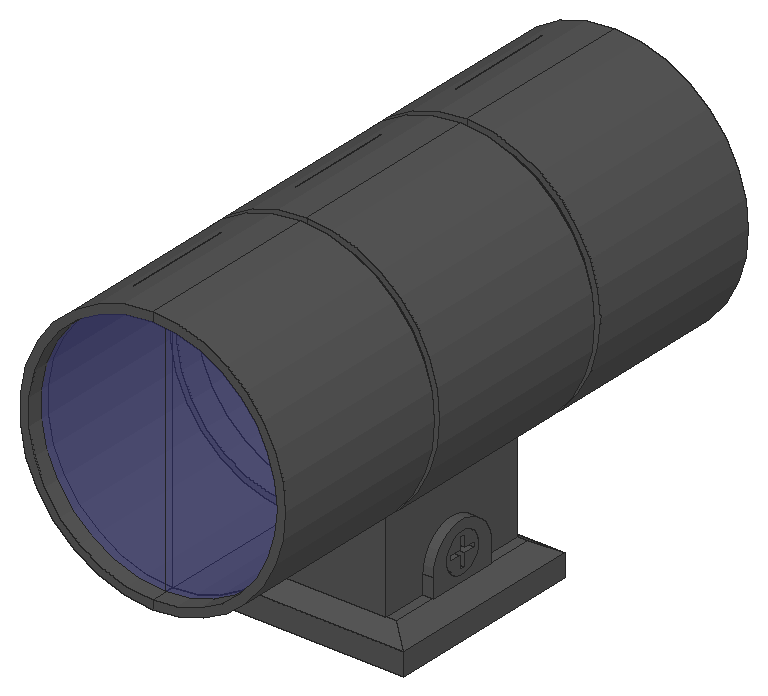
Revit family "CARLO CYLINDER LIGHT WALL MOUNT", category Lighting Fixtures, host Face, Revit 2020 (continued)
Types (10): name | Wattage_Input | Wattage Comments | Wattage | Photometric Web File | built-in parameter 1150142 | Model | built-in parameter 1150105 | Lumens | Light Length 1 | LIGHT RADIUS | LIGHT PLACEMENT | LIGHT LENGTH | LIGHT DIA | built-in parameter 1150106 | FIXED END HEIGHT | Curve base Height | Base Curve | BEAMING ANGLE | Apparent Load
    4 786.85 834.67 885.72 939.15 993.94 1050.5 1109.2 \r\n 1168.9 1228.6 1287.6 1343.8 1399.3 1455.8 1511.8 1566.7 1620.4 1672.7 \r\n 1723.6 1773.2 1821.2 1866.4 1911 1957.1 2003.7 2050.9 2096.8 2139 \r\n 2178.8 2217.2 2252.8 2284.8 2313.6 2339.6 2361.9 2380 2394.2 2404.5 \r\n 2411.6 2416.3 2418.9 2419.9 2420.2 2421.2 2421.9 2421.9 2421.7 2421.3 \r\n 2421.2 \r\n2410.7 2421.8 2422.2 2422.5 2422.6 2421.9 2421.1 2420.8 2419.7 2417.1 \r\n 2412.5 2405.4 2395.3 2381.2 2363.2 2340.7 2314.6 2285.7 2253.8 2218.3 \r\n 2180.1 2140 2097.5 2051.8 2005 1958.5 1912.4 1867.6 1822.2 1774.3 \r\n 1724.6 1673.3 1620.6 1567.2 1512.8 1456.7 1400.3 1345.1 1289.3 1230.7 \r\n 1171.2 1111.6 1052.9 996.35 941.46 887.91 836.7 788.62 743.93 703.05 \r\n 666.21 633.61 605.73 583.61 565.73 551.12 539.08 528.49 519.65 512.68 \r\n 506.99 502.04 497.77 493.92 490.42 487.1 483.94 480.9 477.97 475.32 \r\n 472.29 468.07 463.31 458.5 453.38 448.86 441.87 429.17 412.2 390.84 \r\n 366.57 341.09 313.55 283.03 251.4 220.16 189.53 160.24 132.29 105.28 \r\n 81.139 61.683 46.863 38.071 32.797 29.121 26.66 24.223 22.319 21.22 \r\n 20.439 19.526 18.643 17.798 17.007 16.299 15.646 15.031 14.442 13.846 \r\n 13.275 12.761 12.268 11.768 11.27 10.773 10.289 9.8328 9.3861 8.9285 \r\n 8.4768 8.0434 7.621 7.2055 6.7992 6.3985 6.0173 5.68 5.3509 4.9869 \r\n 4.6343 4.3393 4.0597 3.7581 3.4669 3.2144 2.9769 2.7339 2.5039 2.3036 \r\n 2.1183 1.9341 1.7654 1.6243 1.5046 1.4058 1.3234 1.251 1.1946 1.1564 \r\n 1.1417 1.1576 1.2006 1.2795 1.3637 1.4162 1.4649 1.5412 1.5971 1.5892 \r\n 1.5589 1.5486 1.5109 1.3905 1.2526 1.1631 1.064 0.89926 0.72933 0.60879 \r\n 0.49957 0.37217 0.25532 0.17387 0.10986 0.048762 0.0052018 0 0.000045 0 \r\n 0 0 0.000045 0 0.0052018 0.048762 0.10986 0.17387 0.25532 0.37217 \r\n 0.49957 0.60879 0.72933 0.89926 1.064 1.1631 1.2526 1.3905 1.5109 1.5486 \r\n 1.5589 1.5892 1.5971 1.5412 1.4649 1.4162 1.3637 1.2795 1.2006 1.1576 \r\n 1.1417 1.1564 1.1946 1.251 1.3234 1.4058 1.5046 1.6243 1.7654 1.9341 \r\n 2.1183 2.3036 2.5039 2.7339 2.9769 3.2144 3.4669 3.7581 4.0597 4.3393 \r\n 4.6343 4.9869 5.3509 5.68 6.0173 6.3985 6.7992 7.2055 7.621 8.0434 \r\n 8.4768 8.9285 9.3861 9.8328 10.289 10.773 11.27 11.768 12.268 12.761 \r\n 13.275 13.846 14.442 15.031 15.646 16.299 17.007 17.798 18.644 19.526 \r\n 20.439 21.22 22.319 24.223 26.66 29.121 32.797 38.071 46.863 61.683 \r\n 81.139 105.28 132.29 160.24 189.53 220.16 251.4 283.03 313.55 341.09 \r\n 366.57 390.84 412.2 429.17 441.87 448.86 453.38 458.5 463.31 468.07 \r\n 472.29 475.32 477.97 480.9 483.94 487.1 490.42 493.92 497.77 502.04 \r\n 506.99 512.68 519.65 528.49 539.08 551.12 565.73 583.61 605.73 633.61 \r\n 666.21 703.05 743.93 788.62 836.7 887.91 941.46 996.35 1052.9 1111.6 \r\n 1171.2 1230.7 1289.3 1345.1 1400.3 1456.7 1512.8 1567.2 1620.6 1673.3 \r\n 1724.6 1774.3 1822.2 1867.6 1912.4 1958.5 2005 2051.8 2097.5 2140 \r\n 2180.1 2218.3 2253.8 2285.7 2314.6 2340.7 2363.2 2381.2 2395.3 2405.4 \r\n 2412.5 2417.1 2419.7 2420.8 2421.1 2421.9 2422.6 2422.5 2422.2 2421.8 \r\n 2421.2 \r\n2410.7 2421.3 2421.7 2421.9 2421.9 2421.2 2420.2 2419.9 2418.9 2416.3 \r\n 2411.6 2404.5 2394.2 2380 2361.9 2339.6 2313.6 2284.8 2252.8 2217.2 \r\n 2178.8 2139 2096.8 2050.9 2003.7 1957.1 1911 1866.4 1821.2 1773.2 \r\n 1723.6 1672.7 1620.4 1566.7 1511.8 1455.8 1399.3 1343.8 1287.6 1228.6 \r\n 1168.9 1109.2 1050.5 993.94 939.15 885.72 834.67 786.85 742.34 701.32 \r\n 664.38 632.12 604.62 582.63 564.77 550.13 538.1 527.71 519.06 512.07 \r\n 506.31 501.38 497.15 493.37 489.93 486.62 483.45 480.38 477.41 474.72 \r\n 471.68 467.53 462.84 458 452.82 448.34 441.36 428.49 411.36 390.09 \r\n 365.92 340.33 312.74 282.52 251.31 220.5 190.15 160.58 132.37 105.77 \r\n 82.088 62.64 47.695 38.829 33.441 29.564 26.87 24.177 22.084 21.009 \r\n 20.308 19.406 18.52 17.667 16.871 16.173 15.53 14.92 14.33 13.731 \r\n 13.157 12.647 12.157 11.654 11.155 10.668 10.193 9.7339 9.2853 8.842 \r\n 8.4043 7.9684 7.5417 7.1326 6.7344 6.3376 5.9586 5.622 5.2931 4.9303 \r\n 4.5785 4.2814 4.0001 3.7004 3.4115 3.1576 2.9193 2.681 2.4553 2.2527 \r\n 2.0648 1.8835 1.7187 1.5794 1.4605 1.3607 1.2778 1.207 1.1544 1.1247 \r\n 1.1181 1.136 1.1792 1.259 1.3446 1.4012 1.4521 1.5225 1.5721 1.5612 \r\n 1.529 1.5167 1.4782 1.3601 1.2255 1.1396 1.0436 0.88008 0.71077 0.59122 \r\n 0.48262 0.35475 0.23738 0.15554 0.093149 0.039541 0.0035248 0 0.000031 0 \r\n 0 0 0.00013856 0 0.010932 0.062347 0.12887 0.18546 0.2605 0.38864 \r\n 0.52599 0.62254 0.73129 0.91585 1.0944 1.1778 1.2521 1.4058 1.5434 1.5737 \r\n 1.5744 1.6119 1.6285 1.5691 1.491 1.4449 1.3945 1.3063 1.2229 1.1794 \r\n 1.1647 1.1822 1.2241 1.2852 1.3611 1.4422 1.5389 1.6587 1.8008 1.9714 \r\n 2.1573 2.342 2.5418 2.7744 3.0199 3.2573 3.5076 3.7924 4.0891 4.3728 \r\n 4.6721 5.0197 5.3775 5.7059 6.0419 6.415 6.808 7.2141 7.6312 8.0527 \r\n 8.4845 8.9341 9.3893 9.8324 10.286 10.776 11.277 11.768 12.264 12.766 \r\n 13.292 13.869 14.47 15.073 15.693 16.322 17.007 17.816 18.674 19.518 \r\n 20.378 21.111 22.185 24.115 26.629 29.11 33.104 39.348 49.643 66.989 \r\n 88.522 112.3 138.57 167.31 197.35 227.43 257.87 289.2 319.53 346.85 \r\n 372.01 395.76 416.35 431.99 443.46 449.98 454.42 459.87 464.96 469.27 \r\n 472.98 476 478.76 481.72 484.78 487.97 491.33 494.83 498.7 503.11 \r\n 508.26 514.22 521.47 530.48 541.29 553.81 569.01 587.54 610.3 638.68 \r\n 671.8 709.35 751.04 796.74 845.62 896.83 950.23 1005.5 1062.4 1120.9 \r\n 1180 1239 1297.1 1353 1408.1 1464.2 1519.9 1574.1 1627.4 1680.6 \r\n 1732.5 1781.8 1829.3 1874.8 1919.7 1966.1 2012.7 2059 2104 2146.2 \r\n 2186 2223.8 2258.7 2290.1 2318.4 2343.9 2365.9 2383.5 2397.3 2406.8 \r\n 2413.3 2417.6 2420 2421 2421.3 2421.9 2422.3 2422.2 2422 2421.5 \r\n 2421.2 \r\n2410.7 2420.8 2421.2 2421.3 2421.2 2420.4 2419.4 2419.1 2418 2415.4 \r\n 2410.8 2403.5 2393.1 2378.7 2360.5 2338.2 2312.4 2283.6 2251.6 2215.8 \r\n 2177.4 2137.7 2095.7 2049.6 2002.2 1955.5 1909.4 1864.9 1819.8 1771.8 \r\n 1722.1 1671.5 1619.5 1565.6 1510.4 1454.3 1397.8 1342.1 1285.5 1226.3 \r\n 1166.3 1106.5 1047.8 991.3 936.64 883.37 832.51 784.94 740.63 699.56 \r\n 662.59 630.64 603.5 581.65 563.85 549.21 537.18 526.96 518.47 511.46 \r\n 505.65 500.75 496.55 492.82 489.41 486.11 482.93 479.84 476.83 474.11 \r\n 471.06 466.95 462.31 457.44 452.24 447.79 440.81 427.79 410.51 389.24 \r\n 365.09 339.36 311.71 281.74 250.86 220.39 190.26 160.53 132.16 105.83 \r\n 82.464 63.08 48.125 39.275 33.854 29.826 26.946 24.078 21.862 20.813 \r\n 20.178 19.287 18.399 17.546 16.749 16.059 15.426 14.819 14.231 13.629 \r\n 13.053 12.545 12.059 11.553 11.053 10.574 10.107 9.6459 9.196 8.7639 \r\n 8.3372 7.8996 7.47 7.0662 6.6746 6.2811 5.9041 5.5683 5.2399 4.8788 \r\n 4.5281 4.2295 3.9468 3.6495 3.3631 3.1085 2.8698 2.6352 2.4131 2.2089 \r\n 2.0193 1.8406 1.6793 1.542 1.4243 1.3242 1.2412 1.172 1.1229 1.0997 \r\n 1.0995 1.1199 1.1642 1.2451 1.3318 1.3915 1.4438 1.5091 1.5534 1.5404 \r\n 1.5068 1.4921 1.4522 1.336 1.2042 1.12 1.0255 0.86353 0.69539 0.57617 \r\n 0.46758 0.33977 0.22257 0.14062 0.079611 0.032076 0.0021455 0 0.000019 0 \r\n 0 0 0.00020748 0.00055482 0.016956 0.074561 0.1456 0.1983 0.2698 0.40516 \r\n 0.5489 0.63828 0.7402 0.93307 1.1196 1.1941 1.26 1.4229 1.5705 1.5971 \r\n 1.5927 1.634 1.6552 1.5955 1.516 1.4701 1.4195 1.3288 1.2428 1.1985 \r\n 1.1843 1.2038 1.2486 1.3133 1.3921 1.4729 1.5689 1.6896 1.8332 2.0057 \r\n 2.1934 2.3785 2.5789 2.8134 3.0607 3.2986 3.5478 3.8271 4.1194 4.4081 \r\n 4.712 5.0548 5.4067 5.736 6.0726 6.4388 6.825 7.2315 7.6502 8.07 \r\n 8.4993 8.9473 9.4007 9.8408 10.293 10.786 11.29 11.777 12.27 12.78 \r\n 13.316 13.898 14.504 15.118 15.742 16.354 17.022 17.844 18.71 19.519 \r\n 20.337 21.039 22.105 24.052 26.631 29.136 33.444 40.661 52.383 71.904 \r\n 95.238 118.89 144.69 174.1 204.77 234.46 264.28 295.32 325.41 352.5 \r\n 377.33 400.53 420.32 434.68 444.98 451.06 455.42 461.12 466.41 470.33 \r\n 473.61 476.62 479.48 482.47 485.55 488.78 492.18 495.69 499.61 504.16 \r\n 509.51 515.75 523.29 532.49 543.57 556.57 572.37 591.56 614.99 643.93 \r\n 677.63 715.91 758.37 804.96 854.54 905.84 959.21 1014.8 1072 1130.3 \r\n 1189 1247.5 1305.2 1361 1416.2 1472 1527.3 1581.3 1634.6 1688.1 \r\n 1740.3 1789.3 1836.5 1882.1 1927.2 1973.9 2020.4 2066.3 2110.7 2152.5 \r\n 2192.1 2229.3 2263.8 2294.7 2322.3 2347.2 2368.6 2385.9 2399.2 2408.1 \r\n 2414.1 2418.1 2420.4 2421.4 2421.6 2422 2422.1 2422 2421.8 2421.2 \r\n 2421.2 \r\n2410.7 2420.4 2420.7 2420.7 2420.4 2419.6 2418.7 2418.3 2417.2 2414.5 \r\n 2409.8 2402.5 2391.9 2377.3 2358.9 2336.6 2310.9 2282.1 2250.1 2214.2 \r\n 2175.7 2136.1 2094.1 2048 2000.4 1953.7 1907.6 1863.1 1818 1769.9 \r\n 1720.2 1669.9 1618.1 1564 1508.7 1452.5 1395.9 1339.9 1283 1223.6 \r\n 1163.4 1103.6 1044.8 988.43 933.92 880.86 830.23 782.9 738.79 697.74 \r\n 660.82 629.19 602.37 580.68 562.96 548.34 536.34 526.24 517.87 510.86 \r\n 505.03 500.13 495.95 492.26 488.88 485.57 482.38 479.27 476.24 473.48 \r\n 470.41 466.32 461.71 456.84 451.63 447.21 440.23 427.08 409.65 388.3 \r\n 364.07 338.19 310.46 280.68 250.07 219.82 189.85 160.09 131.68 105.47 \r\n 82.268 63.004 48.151 39.407 34.034 29.906 26.887 23.924 21.653 20.634 \r\n 20.048 19.167 18.282 17.433 16.641 15.959 15.333 14.73 14.143 13.54 \r\n 12.962 12.457 11.973 11.465 10.964 10.492 10.031 9.5688 9.1181 8.6941 \r\n 8.2755 7.8372 7.4059 7.0064 6.6198 6.2291 5.8539 5.5189 5.1912 4.8323 \r\n 4.4833 4.1835 3.8999 3.6052 3.3218 3.067 2.8282 2.5967 2.3775 2.1723 \r\n 1.9816 1.8053 1.6471 1.512 1.396 1.2962 1.2135 1.1462 1.0999 1.0813 \r\n 1.0857 1.1092 1.1557 1.2377 1.3252 1.3869 1.4401 1.5011 1.5409 1.5268 \r\n 1.4925 1.4749 1.4328 1.3182 1.1887 1.1044 1.0098 0.8496 0.68319 0.56363 \r\n 0.45445 0.32724 0.21091 0.12912 0.069244 0.026366 0.001064 0 0.000010 0 \r\n 0 0 0.00025176 0.0032313 0.023276 0.085405 0.16005 0.21237 0.28322 0.42173 \r\n 0.5683 0.65602 0.75604 0.95093 1.1394 1.212 1.2762 1.4419 1.5923 1.6189 \r\n 1.6139 1.6555 1.6773 1.6188 1.5398 1.4919 1.4388 1.3469 1.2601 1.215 \r\n 1.2005 1.2212 1.2679 1.3352 1.4163 1.498 1.5946 1.7171 1.8628 2.0371 \r\n 2.2264 2.4133 2.6152 2.851 3.0992 3.3385 3.5876 3.862 4.1509 4.445 \r\n 4.7542 5.0921 5.4384 5.7704 6.1095 6.47 6.85 7.2576 7.678 8.0953 \r\n 8.5214 8.9681 9.4204 9.8579 10.308 10.804 11.31 11.794 12.285 12.803 \r\n 13.348 13.936 14.546 15.166 15.794 16.394 17.051 17.882 18.752 19.529 \r\n 20.314 21.006 22.076 24.035 26.666 29.199 33.817 42.009 55.083 76.428 \r\n 101.29 125.03 150.65 180.62 211.78 241.25 270.64 301.39 331.19 358.04 \r\n 382.52 405.13 424.11 437.25 446.43 452.1 456.39 462.24 467.66 471.26 \r\n 474.18 477.18 480.12 483.14 486.25 489.53 492.98 496.53 500.51 505.2 \r\n 510.74 517.26 525.1 534.54 545.91 559.41 575.81 595.68 619.79 649.35 \r\n 683.69 722.7 765.93 813.28 863.47 914.95 968.4 1024.3 1081.7 1139.9 \r\n 1198.3 1256.3 1313.7 1369.4 1424.6 1480 1535 1588.8 1642.1 1695.7 \r\n 1748 1796.9 1843.9 1889.5 1934.9 1981.7 2028.3 2073.8 2117.7 2159.1 \r\n 2198.2 2235.1 2269 2299.3 2326.4 2350.6 2371.4 2388.2 2401 2409.5 \r\n 2414.9 2418.7 2420.9 2421.8 2422 2422.1 2422 2422 2421.7 2421 \r\n 2421.2 \r\n2410.7 2419.9 2420.2 2420.1 2419.7 2418.9 2418 2417.5 2416.3 2413.6 \r\n 2408.8 2401.3 2390.6 2375.8 2357.3 2334.9 2309.1 2280.3 2248.2 2212.3 \r\n 2173.8 2134.2 2092.2 2046 1998.3 1951.7 1905.5 1861 1815.9 1767.7 \r\n 1718 1667.7 1616 1561.9 1506.5 1450.2 1393.5 1337.3 1280.1 1220.5 \r\n 1160.3 1100.4 1041.6 985.34 931 878.19 827.83 780.74 736.83 695.89 \r\n 659.09 627.75 601.23 579.72 562.11 547.54 535.57 525.56 517.27 510.27 \r\n 504.42 499.54 495.38 491.69 488.33 485.01 481.81 478.68 475.63 472.84 \r\n 469.74 465.65 461.03 456.19 451 446.61 439.61 426.35 408.77 387.27 \r\n 362.88 336.82 308.99 279.34 248.92 218.79 188.92 159.25 130.9 104.68 \r\n 81.498 62.41 47.774 39.226 33.982 29.803 26.694 23.716 21.457 20.47 \r\n 19.919 19.049 18.168 17.329 16.547 15.872 15.252 14.652 14.067 13.464 \r\n 12.886 12.381 11.899 11.39 10.89 10.421 9.9649 9.5025 9.0517 8.6326 \r\n 8.2191 7.781 7.3495 6.953 6.57 6.1815 5.8079 5.4739 5.1472 4.7908 \r\n 4.444 4.1435 3.8594 3.5678 3.2876 3.0332 2.7945 2.5654 2.3484 2.1429 \r\n 1.952 1.7777 1.6221 1.4896 1.3757 1.2767 1.1948 1.1294 1.0856 1.0696 \r\n 1.0769 1.104 1.1537 1.2368 1.3248 1.3877 1.4409 1.4984 1.5348 1.5204 \r\n 1.4861 1.4651 1.42 1.3067 1.1789 1.0927 0.99639 0.8383 0.67416 0.55362 \r\n 0.44324 0.31715 0.20238 0.12102 0.06205 0.022412 0.00028023 0 0.000003 0 \r\n 0 0 0.0002714 0.0062022 0.029891 0.094878 0.17223 0.22767 0.30076 0.43834 \r\n 0.58419 0.67577 0.77882 0.96942 1.154 1.2317 1.3008 1.4625 1.6086 1.639 \r\n 1.6379 1.6764 1.6947 1.6391 1.5626 1.5102 1.4522 1.3605 1.275 1.2288 \r\n 1.2134 1.2345 1.2822 1.3509 1.4338 1.5173 1.6161 1.7412 1.8894 2.0655 \r\n 2.2566 2.4462 2.6506 2.887 3.1356 3.3768 3.6269 3.8973 4.1833 4.4835 \r\n 4.7985 5.1316 5.4727 5.8091 6.1526 6.5084 6.8832 7.2923 7.7146 8.1285 \r\n 8.5507 8.9965 9.4484 9.8838 10.333 10.83 11.337 11.818 12.309 12.834 \r\n 13.388 13.981 14.595 15.219 15.848 16.444 17.095 17.93 18.798 19.55 \r\n 20.312 21.011 22.101 24.062 26.735 29.299 34.223 43.393 57.742 80.562 \r\n 106.67 130.74 156.44 186.86 218.39 247.8 276.96 307.4 336.86 363.46 \r\n 387.6 409.58 427.73 439.68 447.81 453.11 457.33 463.25 468.72 472.04 \r\n 474.69 477.68 480.69 483.74 486.89 490.21 493.72 497.33 501.4 506.22 \r\n 511.95 518.75 526.91 536.61 548.32 562.32 579.32 599.88 624.72 654.95 \r\n 689.97 729.75 773.71 821.7 872.4 924.16 977.8 1034 1091.6 1149.6 \r\n 1207.7 1265.4 1322.4 1378.1 1433.1 1488.3 1543 1596.7 1649.9 1703.5 \r\n 1755.7 1804.4 1851.4 1897.2 1942.7 1989.7 2036.3 2081.4 2124.9 2165.9 \r\n 2204.6 2240.9 2274.4 2304.1 2330.5 2354.1 2374.3 2390.5 2402.8 2410.7 \r\n 2415.8 2419.4 2421.4 2422.3 2422.5 2422.4 2422.1 2422 2421.6 2420.9 \r\n 2421.2 \r\n2410.7 2419.5 2419.6 2419.4 2419 2418.2 2417.3 2416.7 2415.4 2412.6 \r\n 2407.7 2400 2389.1 2374 2355.2 2332.6 2306.6 2277.8 2245.7 2209.8 \r\n 2171.3 2131.5 2089.3 2043.1 1995.6 1949 1902.8 1858.1 1812.8 1764.4 \r\n 1714.6 1664.3 1612.6 1558.6 1503.2 1446.8 1389.9 1333.4 1276.1 1216.5 \r\n 1156.2 1096.3 1037.6 981.41 927.29 874.84 824.86 778.02 734.33 693.65 \r\n 657.14 626.12 599.9 578.63 561.21 546.74 534.84 524.88 516.61 509.65 \r\n 503.84 498.96 494.79 491.11 487.73 484.39 481.16 478.02 474.96 472.16 \r\n 469.02 464.85 460.19 455.41 450.3 445.92 438.87 425.47 407.68 385.84 \r\n 361.12 334.83 306.87 277.27 246.94 216.77 186.92 157.61 129.56 103.08 \r\n 79.644 60.873 46.701 38.53 33.565 29.404 26.262 23.4 21.267 20.321 \r\n 19.783 18.922 18.048 17.23 16.468 15.8 15.182 14.587 14.005 13.404 \r\n 12.827 12.323 11.841 11.333 10.833 10.366 9.9115 9.4502 8.9999 8.5808 \r\n 8.1673 7.7309 7.3013 6.906 6.524 6.137 5.7649 5.4319 5.1069 4.7544 \r\n 4.411 4.1103 3.8261 3.5388 3.2631 3.01 2.7718 2.5441 2.3285 2.1238 \r\n 1.9338 1.7612 1.6079 1.4788 1.3682 1.2713 1.1911 1.1277 1.0851 1.068 \r\n 1.0751 1.1072 1.162 1.2462 1.334 1.3975 1.4502 1.5038 1.5371 1.5249 \r\n 1.4921 1.4662 1.4161 1.3044 1.178 1.0861 0.98455 0.82972 0.66955 0.54641 \r\n 0.43331 0.30987 0.19857 0.11812 0.059571 0.021098 0 0 0 0 \r\n 0 0 0.000016 0.0092962 0.036544 0.10162 0.1803 0.24514 0.32559 0.45529 \r\n 0.59429 0.6993 0.81399 0.9895 1.1602 1.255 1.341 1.4877 1.6175 1.6588 \r\n 1.6702 1.6995 1.7073 1.658 1.588 1.527 1.4595 1.3703 1.2887 1.2403 \r\n 1.2216 1.2412 1.2881 1.3563 1.4399 1.527 1.6303 1.7595 1.9112 2.0889 \r\n 2.2819 2.4764 2.685 2.9207 3.1682 3.4127 3.6656 3.9327 4.2164 4.5245 \r\n 4.8467 5.174 5.5095 5.8539 6.2057 6.5576 6.9271 7.3394 7.7644 8.1719 \r\n 8.587 9.0328 9.4856 9.9187 10.365 10.861 11.369 11.85 12.341 12.873 \r\n 13.435 14.032 14.649 15.273 15.902 16.5 17.153 17.983 18.842 19.573 \r\n 20.324 21.054 22.174 24.104 26.774 29.349 34.55 44.654 60.156 84.049 \r\n 111.12 135.92 162.14 192.86 224.55 254.2 283.43 313.53 342.54 368.89 \r\n 392.67 414 431.29 442.06 449.14 454.11 458.25 464.1 469.51 472.64 \r\n 475.11 478.08 481.14 484.22 487.42 490.8 494.37 498.08 502.28 507.23 \r\n 513.15 520.24 528.73 538.77 550.87 565.41 583.03 604.31 629.92 660.94 \r\n 696.76 737.36 782.04 830.51 881.58 933.75 987.75 1044.3 1101.9 1159.8 \r\n 1217.6 1275 1331.8 1387.4 1442.3 1497.2 1551.6 1605.4 1658.6 1711.7 \r\n 1763.5 1812.2 1859.4 1905.3 1951 1998 2044.5 2089.4 2132.5 2173 \r\n 2211.2 2247.1 2280 2309.1 2334.9 2357.9 2377.4 2392.8 2404.4 2412 \r\n 2416.8 2420.1 2422 2422.9 2423.1 2422.9 2422.5 2422.1 2421.6 2420.7 \r\n 2421.2 \r\n2410.7 2419 2419 2418.7 2418.2 2417.5 2416.7 2416 2414.4 2411.5 \r\n 2406.5 239
